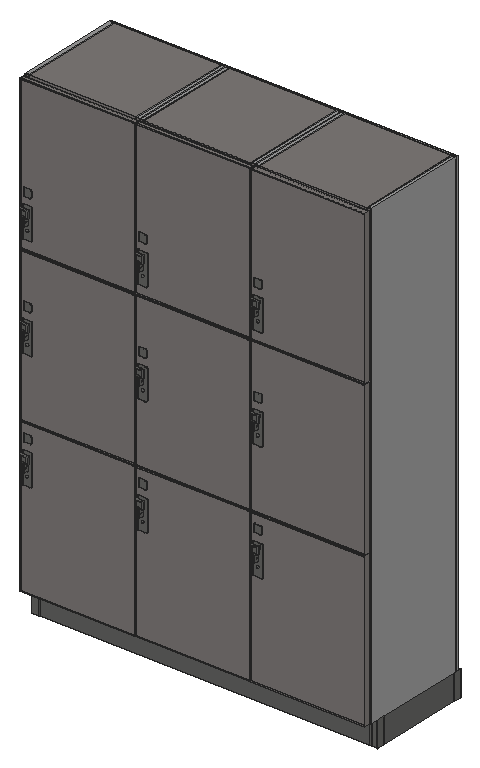
Revit family "Wood_Lockers_Hasps-Salsbury_Industries-18_43000_Series-3_Wide_Units.rfa", category Specialty Equipment, Revit 2016 (continued)
Definition of nested family "Wood Locker Sloping Corner Fillers"
  Automatic sketch dimensions
    Extrusion 6 sketch curve to Extrusion 6 sketch curve = 0.07981"
    plane 14 "Top" to Extrusion 6 sketch curve = 0.031"
    Extrusion 7 sketch curve to level = 0.000"
    plane 15 to Extrusion 7 sketch curve = 0.000"
    plane 5 "Right Side of Hood" to Extrusion 7 sketch curve = 0.000"
    Extrusion 7 sketch curve to plane 8 = 0.000"
    Extrusion 8 sketch curve to plane 10 "New Back of Hood" = 0.000"
    Extrusion 8 sketch curve to level = 0.000"
    Extrusion 8 sketch curve to plane 7 "Black Trim Line" = 1.80877"
    plane 14 "Top" to Extrusion 8 sketch curve = 0.74863"
Definition of nested family "Wood Locker Flat Corner Fillers"
  Parameters (values of type "44437 - for 15" D Lockers")
    Width = 16.875"
    Visible = yes
    Version = "1.0 (12/15/23)"
    Type Comments = "Flat Top Corner Filler for Premier Wood Lockers"
    Model = "44437"
    Manufacturer = "Salsbury Industries"
    Laminate Surface = none
    Height = 0.750"
    Description = "For 15\" D Lockers"
    Depth = 16.875"
  Types (6): name | Width | Visible | Version | Type Comments | Model | Manufacturer | Description | Depth
    (no name) | 16.875" | yes | "1.0 (12/15/23)" | "Flat Top Corner Filler for Premier Wood Lockers" | "44437" | "Salsbury Industries" | "For 15\" D Lockers" | 16.875"
    44437 - for 15" D Lockers | 16.875" | yes | "1.0 (12/15/23)" | "Flat Top Corner Filler for Premier Wood Lockers" | "44437" | "Salsbury Industries" | "For 15\" D Lockers" | 16.875"
    None | 15.000" | no | "" | "" | "" | "" | "" | 13.250"
    44438 - for 18" D Lockers | 19.875" | yes | "1.0 (12/15/23)" | "Flat Top Corner Filler for Premier Wood Lockers" | "44438" | "Salsbury Industries" | "For 18\" D Lockers" | 19.875"
    44431 - for 21" D Lockers | 22.875" | yes | "1.0 (12/15/23)" | "Flat Top Corner Filler for Premier Wood Lockers" | "44431" | "Salsbury Industries" | "For 21\" D Lockers" | 22.875"
    44439 - for 24" D Lockers | 25.875" | yes | "1.0 (12/15/23)" | "Flat Top Corner Filler for Premier Wood Lockers" | "44439" | "Salsbury Industries" | "For 24\" D Lockers" | 25.875"
  Reference planes (in)
    plane 1 "Center (Front/Back)": y = 0
    plane 2: z = 0
    plane 3 "Center (Left/Right)": x = 0
    plane 4 "Right Side": x = 8.4375
    plane 5 "Left Side": x = -8.4375
    plane 6 "Front Side": y = -8.4375
    plane 7 "Back Side": y = 8.4375
    plane 8 "Bottom": z = 0
    plane 9 "Top Side": z = 0.75
    plane 10 "Wood - Laminate Line": z = 0.719
    plane 11: x = -5.4375
    plane 12: y = -5.4375
  Forms (in)
    Extrusion 1, solid, visible <- "Visible"
      sketch origin (0, 0, 0) x (0, -1, 0) y (1, 0, 0)
        loop
          line (-8.4375, -8.4375) -> (5.4375, -8.4375) -> (5.4375, -5.4375) -> (8.4375, -5.4375) -> (8.4375, 8.4375) -> (-8.4375, 8.4375) -> (-8.4375, -8.4375)
      from 0 to 0.719
    Extrusion 2, solid, material <- "Laminate Surface", visible <- "Visible"
      sketch origin (0, 0, 0.75) x (1, 0, 0) y (0, 1, 0)
        loop
          line (-8.4375, -5.4375) -> (-5.4375, -5.4375) -> (-5.4375, -8.4375) -> (8.4375, -8.4375) -> (8.4375, 8.4375) -> (-8.4375, 8.4375) -> (-8.4375, -5.4375)
      from -0.031 to 0
  Dimensions and locks (in)
    equal spacing: plane 6 "Front Side", plane 1 "Center (Front/Back)", plane 7 "Back Side"
    equal spacing: plane 5 "Left Side", plane 3 "Center (Left/Right)", plane 4 "Right Side"
    "Width": plane 5 "Left Side" to plane 4 "Right Side"
    "Depth": plane 6 "Front Side" to plane 7 "Back Side"
    "Height": plane 9 "Top Side" to plane 8 "Bottom"
    locked: plane 9 "Top Side" to plane 10 "Wood - Laminate Line" at 0.031
    locked: plane 6 "Front Side" to plane 12 at 3
    locked: plane 5 "Left Side" to plane 11 at 3
    plane 12 to plane 7 "Back Side" = 13.875"
    aligned and locked: level to plane 2
  Automatic sketch dimensions
    Extrusion 2 sketch curve to plane 5 "Left Side" = 0.000"
    plane 6 "Front Side" to Extrusion 2 sketch curve = 0.000"
    Extrusion 2 sketch curve to plane 11 = 0.000"
    Extrusion 2 sketch curve to plane 4 "Right Side" = 0.000"
    Extrusion 2 sketch curve to plane 12 = 0.000"
    plane 7 "Back Side" to Extrusion 2 sketch curve = 0.000"
    Extrusion 1 sketch curve to plane 5 "Left Side" = 0.000"
    plane 7 "Back Side" to Extrusion 1 sketch curve = 0.000"
    Extrusion 1 sketch curve to plane 12 = 0.000"
    Extrusion 1 sketch curve to plane 4 "Right Side" = 0.000"
    plane 6 "Front Side" to Extrusion 1 sketch curve = 0.000"
    Extrusion 1 sketch curve to plane 11 = 0.000"
Definition of nested family "Wood Locker Side Panels-No Slope"
  Parameters (values of type "44237 - 6' H for 24"D Lockers")
    Width = 23.625"
    Visible = yes
    Version = "1.0 (12/15/23)"
    Type Comments = "Side Panel for Premier Wood Lockers without Sloping Hood"
    Model = "44237"
    Manufacturer = "Salsbury Industries"
    Laminate Surface = none
    Height = 72.000"
    Door Trim = none
    Description = "6' H for 21\" D Lockers"
    Depth = 0.750"
  Types (6): name | Width | Visible | Version | Type Comments | Model | Manufacturer | Description
    (no name) | 23.625" | yes | "1.0 (12/15/23)" | "Side Panel for Premier Wood Lockers without Sloping Hood" | "44237" | "Salsbury Industries" | "6' H for 21\" D Lockers"
    44330 - 6' H for 15"D Lockers | 14.625" | yes | "1.0 (12/15/23)" | "Side Panel for Premier Wood Lockers without Sloping Hood" | "44330" | "Salsbury Industries" | "6' H for 15\" D Lockers"
    44333 - 6' H for 18" D Lockers | 17.625" | yes | "1.0 (12/15/23)" | "Side Panel for Premier Wood Lockers withouth Sloping Hood" | "44333" | "Salsbury Industries" | "6' H for 18\" D Lockers"
    44335 - 6' H for 21" D Lockers | 20.625" | yes | "1.0 (12/15/23)" | "Side Panel for Premier Wood Lockers without Sloping Hood" | "44335" | "Salsbury Industries" | "6' H for 21\" D Lockers"
    None | 14.000" | no | "" | "" | "" | "" | ""
    44237 - 6' H for 24"D Lockers | 23.625" | yes | "1.0 (12/15/23)" | "Side Panel for Premier Wood Lockers without Sloping Hood" | "44237" | "Salsbury Industries" | "6' H for 21\" D Lockers"
  Reference planes (in)
    plane 1 "Center (Front/Back)": y = 0
    plane 2: z = 0
    plane 3 "Center (Left/Right)": x = 0
    plane 4 "Back": y = 0.375
    plane 5 "Front": y = -0.375
    plane 6 "Left Side": x = -11.8125
    plane 7 "Right Side": x = 11.8125
    plane 8 "Bottom": z = 0
    plane 9 "Top": z = 72
    plane 10 "Center Elevation": z = 36
    plane 11 "Wood - Laminate Edge": y = -0.344
    plane 12 "Right Side of Wood": x = 11.7815
    plane 13 "Left Side of Wood": x = -11.7815
    plane 14 "Top of Wood": z = 71.969
    plane 15 "Bottom of Wood": z = 0.031
  Forms (in)
    Extrusion 1, solid, visible <- "Visible"
      sketch origin (0, 0.375, 0) x (1, 0, 0) y (0, 0, 1)
        loop
          line (11.7815, 71.969) -> (-11.7815, 71.969) -> (-11.7815, 0.031) -> (11.7815, 0.031) -> (11.7815, 71.969)
      from 0 to 0.719
    Extrusion 2, solid, material <- "Laminate Surface", visible <- "Visible"
      sketch origin (0, -0.375, 0) x (1, 0, 0) y (0, 0, 1)
        loop
          line (-11.8125, 72) -> (-11.8125, 0) -> (11.8125, 0) -> (11.8125, 72) -> (-11.8125, 72)
      from -0.031 to 0
    Extrusion 3, solid, material <- "Laminate Surface", visible <- "Visible"
      sketch origin (0, 0, 0) x (1, 0, 0) y (0, 0, 1)
        loop
          line (-11.8125, 0) -> (11.8125, 0) -> (11.8125, 72) -> (-11.8125, 72) -> (-11.8125, 0)
        loop
          line (-11.7815, 0.031) -> (11.7815, 0.031) -> (11.7815, 71.969) -> (-11.7815, 71.969) -> (-11.7815, 0.031)
      from -0.375 to 0.344
  Dimensions and locks (in)
    equal spacing: plane 6 "Left Side", plane 3 "Center (Left/Right)", plane 7 "Right Side"
    plane 5 "Front" to plane 1 "Center (Front/Back)" to plane 4 "Back" = 0.375", 0.375"
    "Width": plane 6 "Left Side" to plane 7 "Right Side"
    "Depth": plane 5 "Front" to plane 4 "Back"
    equal spacing: plane 9 "Top", plane 10 "Center Elevation", plane 8 "Bottom"
    "Height": plane 9 "Top" to plane 8 "Bottom"
    locked: plane 5 "Front" to plane 11 "Wood - Laminate Edge" at 0.031
    locked: plane 15 "Bottom of Wood" to plane 8 "Bottom" at 0.031
    locked: plane 12 "Right Side of Wood" to plane 7 "Right Side" at 0.031
    locked: plane 6 "Left Side" to plane 13 "Left Side of Wood" at 0.031
    locked: plane 9 "Top" to plane 14 "Top of Wood" at 0.031
    aligned and locked: level to plane 2
    aligned and locked: Extrusion 2 sketch curve to plane 7 "Right Side"
    aligned and locked: plane 8 "Bottom" to Extrusion 2 sketch curve
    aligned and locked: plane 6 "Left Side" to Extrusion 2 sketch curve
    aligned and locked: plane 9 "Top" to Extrusion 2 sketch curve
    aligned and locked: Extrusion 3 to plane 4 "Back"
    aligned and locked: plane 11 "Wood - Laminate Edge" to Extrusion 3
  Automatic sketch dimensions
    plane 13 "Left Side of Wood" to Extrusion 1 sketch curve = 0.000"
    plane 12 "Right Side of Wood" to Extrusion 1 sketch curve = 0.000"
    Extrusion 1 sketch curve to plane 15 "Bottom of Wood" = 0.000"
    Extrusion 1 sketch curve to plane 14 "Top of Wood" = 0.000"
    plane 13 "Left Side of Wood" to Extrusion 3 sketch curve = 0.000"
    Extrusion 3 sketch curve to level = 0.000"
    plane 13 "Left Side of Wood" to Extrusion 3 sketch curve = 0.031"
    plane 12 "Right Side of Wood" to Extrusion 3 sketch curve = 0.000"
    plane 7 "Right Side" to Extrusion 3 sketch curve = 0.000"
    Extrusion 3 sketch curve to plane 15 "Bottom of Wood" = 0.000"
    Extrusion 3 sketch curve to plane 14 "Top of Wood" = 0.000"
    Extrusion 3 sketch curve to plane 9 "Top" = 0.000"
Definition of nested family "Wood Locker Side Panels-With Slope"
  Parameters (values of type "44238 - 6' H for 24" D Lockers")
    Width = 23.625"
    Visible = yes
    Version = "1.0 (12/15/23)"
    Type Comments = "Side Panel for Premier Wood Lockers with Sloping Hood"
    Slope Height = 8.608"
    Model = "44238"
    Manufacturer = "Salsbury Industries"
    Laminate Surface = none
    Height = 72.153"
    Door Trim = none
    Description = "6' H for 24\" D Lockers"
    Depth = 0.750"
  Types (6): name | Width | Visible | Version | Type Comments | Slope Height | Model | Manufacturer | Height | Description
    (no name) | 23.625" | yes | "1.0 (12/15/23)" | "Side Panel for Premier Wood Lockers with Sloping Hood" | 8.608" | "44238" | "Salsbury Industries" | 72.153" | "6' H for 24\" D Lockers"
    44334 - 6' H  for 18" D Lockers | 17.625" | yes | "1.0 (12/15/23)" | "Side Panel for Premier Wood Lockers with Sloping Hood" | 6.806" | "44334" | "Salsbury Industries" | 72.062" | "6' H for 18\" D Lockers"
    44336 - 6' H for 21" D Lockers | 20.625" | yes | "1.0 (12/15/23)" | "Side Panel for Premier Wood Lockers with Sloping Hood" | 7.931" | "44336" | "Salsbury Industries" | 72.062" | "6' H for 21\" D Lockers"
    None | 14.625" | no | "" | "" | 5.681" | "" | "" | 72.062" | ""
    44339 - 6' H for 15" D Lockers | 14.625" | yes | "1.0 (12/15/23)" | "Side Panel for Premier Wood Lockers with Sloping Hood" | 5.681" | "44339" | "Salsbury Industries" | 72.062" | "6' H for 15\" D Lockers"
    44238 - 6' H for 24" D Lockers | 23.625" | yes | "1.0 (12/15/23)" | "Side Panel for Premier Wood Lockers with Sloping Hood" | 8.608" | "44238" | "Salsbury Industries" | 72.153" | "6' H for 24\" D Lockers"
  Reference planes (in)
    plane 1 "Center (Front/Back)": y = 0
    plane 2: z = 0
    plane 3 "Center (Left/Right)": x = 0
    plane 4 "Back": y = 0.375
    plane 5 "Front": y = -0.375
    plane 6 "Left Side": x = -11.8125
    plane 7 "Right Side": x = 11.8125
    plane 8 "Bottom": z = 0
    plane 9 "Top": z = 72.153
    plane 10 "Center Elevation": z = 36.0765
    plane 11 "Wood - Laminate Edge": y = -0.344
    plane 12 "Right Side of Wood": x = 11.7815
    plane 13 "Left Side of Wood": x = -11.7815
    plane 14 "Top of Wood": z = 72.028
    plane 15 "Bottom of Wood": z = 0.031
    plane 16: z = 80.761
    plane 17: z = 80.636
  Forms (in)
    Extrusion 1, solid, visible <- "Visible"
      sketch origin (0, 0.375, 0) x (1, 0, 0) y (0, 0, 1)
        loop
          line (-11.8125, 80.73) -> (-11.8125, 0) -> (11.7815, 0) -> (11.7815, 72.13387) -> (-11.8125, 80.73)
      from 0 to 0.719
    Extrusion 2, solid, material <- "Laminate Surface", visible <- "Visible"
      sketch origin (0, -0.375, 0) x (1, 0, 0) y (0, 0, 1)
        loop
          line (-11.8125, 0) -> (11.8125, 0) -> (11.8125, 72.153) -> (-11.8125, 80.761) -> (-11.8125, 0)
      from -0.031 to 0
    Extrusion 3, solid, material <- "Laminate Surface", visible <- "Visible"
      sketch origin (0, -0.375, 0) x (1, 0, 0) y (0, 0, 1)
        loop
          line (11.8125, 0) -> (11.8125, 72.153) -> (-11.8125, 80.761) -> (-11.8125, 80.73) -> (11.7815, 72.13387) -> (11.7815, 0) -> (11.8125, 0)
      from -0.031 to -0.75
  Dimensions and locks (in)
    equal spacing: plane 6 "Left Side", plane 3 "Center (Left/Right)", plane 7 "Right Side"
    plane 5 "Front" to plane 1 "Center (Front/Back)" to plane 4 "Back" = 0.375", 0.375"
    "Width": plane 6 "Left Side" to plane 7 "Right Side"
    "Depth": plane 5 "Front" to plane 4 "Back"
    equal spacing: plane 9 "Top", plane 10 "Center Elevation", plane 8 "Bottom"
    "Height": plane 9 "Top" to plane 8 "Bottom"
    locked: plane 5 "Front" to plane 11 "Wood - Laminate Edge" at 0.031
    locked: plane 15 "Bottom of Wood" to plane 8 "Bottom" at 0.031
    locked: plane 12 "Right Side of Wood" to plane 7 "Right Side" at 0.031
    locked: plane 6 "Left Side" to plane 13 "Left Side of Wood" at 0.031
    locked: plane 9 "Top" to plane 14 "Top of Wood" at 0.125
    "Slope Height": plane 16 to plane 9 "Top"
    locked: plane 16 to plane 17 at 0.125
    aligned and locked: level to plane 2
    aligned and locked: Extrusion 3 to plane 4 "Back"
    aligned and locked: plane 11 "Wood - Laminate Edge" to Extrusion 3
  Automatic sketch dimensions
    plane 6 "Left Side" to Extrusion 2 sketch curve = 0.000"
    plane 7 "Right Side" to Extrusion 2 sketch curve = 0.000"
    Extrusion 2 sketch curve to level = 0.000"
    Extrusion 2 sketch curve to plane 9 "Top" = 0.000"
    Extrusion 2 sketch curve to plane 16 = 0.000"
    Extrusion 1 sketch curve to level = 0.000"
    plane 6 "Left Side" to Extrusion 1 sketch curve = 0.000"
    plane 12 "Right Side of Wood" to Extrusion 1 sketch curve = 0.000"
    plane 9 "Top" to Extrusion 1 sketch curve = 0.01913"
    plane 6 "Left Side" to Extrusion 3 sketch curve = 0.000"
    plane 12 "Right Side of Wood" to Extrusion 3 sketch curve = 0.000"
    plane 7 "Right Side" to Extrusion 3 sketch curve = 0.000"
    Extrusion 3 sketch curve to level = 0.000"
    Extrusion 3 sketch curve to plane 9 "Top" = 0.000"
    Extrusion 3 sketch curve to plane 16 = 0.000"
    plane 9 "Top" to Extrusion 3 sketch curve = 0.01913"
    plane 16 to Extrusion 3 sketch curve = 0.031"
    plane 16 to Extrusion 1 sketch curve = 0.031"
Definition of nested family "Wood Locker Double Side Panels-No Slope"
  Parameters (values of type "44237DE - 6' H for 24"D Lockers")
    Width = 47.250"
    Visible = yes
    Version = "1.0 (12/15/23)"
    Type Comments = "Double End Panel for Premier Wood Lockers"
    Model = "44237DE"
    Manufacturer = "Salsbury Industries"
    Laminate Surface = none
    Height = 72.000"
    Door Trim = none
    Description = "For 6' H x 21\" D without Sloping Hood"
    Depth = 0.750"
  Types (6): name | Width | Visible | Version | Type Comments | Model | Manufacturer | Description
    (no name) | 47.250" | yes | "1.0 (12/15/23)" | "Double End Panel for Premier Wood Lockers" | "44237DE" | "Salsbury Industries" | "For 6' H x 21\" D without Sloping Hood"
    44330DE - 6' H for 15"D Lockers | 29.250" | yes | "1.0 (12/15/23)" | "Double End Panel for Premier Wood Lockers" | "44330DE" | "Salsbury Industries" | "For 6' H x 15\" D without Sloping Hood"
    44333DE - 6' H for 18" D Lockers | 35.250" | yes | "1.0 (12/15/23)" | "Double End Panel for Premier Wood Lockers" | "44333DE" | "Salsbury Industries" | "For 6' H x 18\" D without Sloping Hood"
    44335DE - 6' H for 21" D Lockers | 41.250" | yes | "1.0 (12/15/23)" | "Double End Panel for Premier Wood Lockers" | "44335DE" | "Salsbury Industries" | "For 6' H x 21\" D without Sloping Hood"
    None | 14.000" | no | "" | "" | "" | "" | ""
    44237DE - 6' H for 24"D Lockers | 47.250" | yes | "1.0 (12/15/23)" | "Double End Panel for Premier Wood Lockers" | "44237DE" | "Salsbury Industries" | "For 6' H x 21\" D without Sloping Hood"
  Reference planes (in)
    plane 1 "Center (Front/Back)": y = 0
    plane 2: z = 0
    plane 3 "Center (Left/Right)": x = 0
    plane 4 "Back": y = 0.375
    plane 5 "Front": y = -0.375
    plane 6 "Left Side": x = -23.625
    plane 7 "Right Side": x = 23.625
    plane 8 "Bottom": z = 0
    plane 9 "Top": z = 72
    plane 10 "Center Elevation": z = 36
    plane 11 "Wood - Laminate Edge": y = -0.344
    plane 12 "Right Side of Wood": x = 23.594
    plane 13 "Left Side of Wood": x = -23.594
    plane 14 "Top of Wood": z = 71.969
    plane 15 "Bottom of Wood": z = 0.031
  Forms (in)
    Extrusion 1, solid, visible <- "Visible"
      sketch origin (0, 0.375, 0) x (1, 0, 0) y (0, 0, 1)
        loop
          line (23.594, 71.969) -> (-23.594, 71.969) -> (-23.594, 0.031) -> (23.594, 0.031) -> (23.594, 71.969)
      from 0 to 0.719
    Extrusion 2, solid, material <- "Laminate Surface", visible <- "Visible"
      sketch origin (0, -0.375, 0) x (1, 0, 0) y (0, 0, 1)
        loop
          line (-23.625, 72) -> (-23.625, 0) -> (23.625, 0) -> (23.625, 72) -> (-23.625, 72)
      from -0.031 to 0
    Extrusion 3, solid, material <- "Laminate Surface", visible <- "Visible"
      sketch origin (0, 0, 0) x (1, 0, 0) y (0, 0, 1)
        loop
          line (-23.625, 0) -> (23.625, 0) -> (23.625, 72) -> (-23.625, 72) -> (-23.625, 0)
        loop
          line (23.594, 71.969) -> (-23.594, 71.969) -> (-23.594, 0.031) -> (23.594, 0.031) -> (23.594, 71.969)
      from -0.375 to 0.344
  Dimensions and locks (in)
    equal spacing: plane 6 "Left Side", plane 3 "Center (Left/Right)", plane 7 "Right Side"
    plane 5 "Front" to plane 1 "Center (Front/Back)" to plane 4 "Back" = 0.375", 0.375"
    "Width": plane 6 "Left Side" to plane 7 "Right Side"
    "Depth": plane 5 "Front" to plane 4 "Back"
    equal spacing: plane 9 "Top", plane 10 "Center Elevation", plane 8 "Bottom"
    "Height": plane 9 "Top" to plane 8 "Bottom"
    locked: plane 5 "Front" to plane 11 "Wood - Laminate Edge" at 0.031
    locked: plane 15 "Bottom of Wood" to plane 8 "Bottom" at 0.031
    plane 12 "Right Side of Wood" to plane 7 "Right Side" = 0.031"
    locked: plane 6 "Left Side" to plane 13 "Left Side of Wood" at 0.031
    locked: plane 9 "Top" to plane 14 "Top of Wood" at 0.031
    aligned and locked: level to plane 2
    aligned and locked: Extrusion 2 sketch curve to plane 8 "Bottom"
    aligned and locked: plane 6 "Left Side" to Extrusion 2 sketch curve
    aligned and locked: Extrusion 2 sketch curve to plane 7 "Right Side"
    aligned and locked: Extrusion 2 sketch curve to plane 9 "Top"
    aligned and locked: Extrusion 3 to plane 4 "Back"
    aligned and locked: plane 11 "Wood - Laminate Edge" to Extrusion 3
  Automatic sketch dimensions
    plane 13 "Left Side of Wood" to Extrusion 1 sketch curve = 0.000"
    plane 12 "Right Side of Wood" to Extrusion 1 sketch curve = 0.000"
    Extrusion 1 sketch curve to plane 15 "Bottom of Wood" = 0.000"
    Extrusion 1 sketch curve to plane 14 "Top of Wood" = 0.000"
    Extrusion 3 sketch curve to level = 0.000"
    plane 6 "Left Side" to Extrusion 3 sketch curve = 0.000"
    plane 7 "Right Side" to Extrusion 3 sketch curve = 0.000"
    Extrusion 3 sketch curve to plane 9 "Top" = 0.000"
    plane 13 "Left Side of Wood" to Extrusion 3 sketch curve = 0.000"
    Extrusion 3 sketch curve to plane 15 "Bottom of Wood" = 0.000"
    Extrusion 3 sketch curve to plane 14 "Top of Wood" = 0.000"
    plane 12 "Right Side of Wood" to Extrusion 3 sketch curve = 0.000"
Definition of nested family "Wood Locker Double Side Panels-With Slope"
  Parameters (values of type "44238DE - 6' H for 24"D Lockers")
    Width = 47.250"
    Visible = yes
    Version = "1.0 (12/15/23)"
    Type Comments = "Double End Panel for Premier Wood Lockers"
    Slope Height = 8.895"
    Model = "442386DE"
    Manufacturer = "Salsbury Industries"
    Laminate Surface = none
    Height = 72.153"
    Door Trim = none
    Description = "For 6' H x 21\" D Lockers with Sloping Hood"
    Depth = 0.750"
  Types (6): name | Width | Visible | Version | Type Comments | Slope Height | Model | Manufacturer | Height | Description
    (no name) | 47.250" | yes | "1.0 (12/15/23)" | "Double End Panel for Premier Wood Lockers" | 8.895" | "442386DE" | "Salsbury Industries" | 72.153" | "For 6' H x 21\" D Lockers with Sloping Hood"
    44339DE - 6' H for 15"D Lockers | 29.250" | yes | "1.0 (12/15/23)" | "Double End Panel for Premier Wood Lockers" | 5.681" | "44339DE" | "Salsbury Industries" | 72.062" | "For 6' H x 15\" D Lockers with Sloping Hood"
    44334DE - 6' H  for 18" D Lockers | 35.250" | yes | "1.0 (12/15/23)" | "Double End Panel for Premier Wood Lockers" | 6.806" | "44334DE" | "Salsbury Industries" | 72.062" | "For 6' H x 18\" D Lockers with Sloping Hood"
    44336DE - 6' H for 21" D Lockers | 41.250" | yes | "1.0 (12/15/23)" | "Double End Panel for Premier Wood Lockers" | 7.931" | "44336DE" | "Salsbury Industries" | 72.062" | "For 6' H x 21\" D Lockers with Sloping Hood"
    None | 14.000" | no | "" | "" | 5.500" | "" | "" | 72.000" | ""
    44238DE - 6' H for 24"D Lockers | 47.250" | yes | "1.0 (12/15/23)" | "Double End Panel for Premier Wood Lockers" | 8.895" | "442386DE" | "Salsbury Industries" | 72.153" | "For 6' H x 21\" D Lockers with Sloping Hood"
  Reference planes (in)
    plane 1 "Center (Front/Back)": y = 0
    plane 2: z = 0
    plane 3 "Center (Left/Right)": x = 0
    plane 4 "Back": y = 0.375
    plane 5 "Front": y = -0.375
    plane 6 "Left Side": x = -23.625
    plane 7 "Right Side": x = 23.625
    plane 8 "Bottom": z = 0
    plane 9 "Top": z = 72.153
    plane 10 "Center Elevation": z = 36.0765
    plane 11 "Wood - Laminate Edge": y = -0.344
    plane 12 "Right Side of Wood": x = 23.594
    plane 13 "Left Side of Wood": x = -23.594
    plane 14 "Top of Wood": z = 72.028
    plane 15 "Bottom of Wood": z = 0.125
    plane 16: z = 81.048
    plane 17: z = 81.017
  Forms (in)
    Extrusion 1, solid, visible <- "Visible"
      sketch origin (0, 0.375, 0) x (1, 0, 0) y (0, 0, 1)
        loop
          line (23.594, 72.122) -> (0, 81.017) -> (-23.594, 72.122) -> (-23.594, 0) -> (23.594, 0) -> (23.594, 72.122)
      from 0 to 0.719
    Extrusion 2, solid, material <- "Laminate Surface", visible <- "Visible"
      sketch origin (0, -0.375, 0) x (1, 0, 0) y (0, 0, 1)
        loop
          line (23.625, 0) -> (23.625, 72.153) -> (0, 81.048) -> (-23.625, 72.153) -> (-23.625, 0) -> (23.625, 0)
      from -0.031 to 0
    Extrusion 3, solid, material <- "Laminate Surface", visible <- "Visible"
      sketch origin (0, 0.375, 0) x (1, 0, 0) y (0, 0, 1)
        loop
          line (23.625, 0) -> (23.625, 72.153) -> (0, 81.048) -> (-23.625, 72.153) -> (-23.625, 0) -> (-23.594, 0) -> (-23.594, 72.122) -> (0, 81.017) -> (23.594, 72.122) -> (23.594, 0) -> (23.625, 0)
      from 0 to 0.719
  Dimensions and locks (in)
    equal spacing: plane 6 "Left Side", plane 3 "Center (Left/Right)", plane 7 "Right Side"
    plane 5 "Front" to plane 1 "Center (Front/Back)" to plane 4 "Back" = 0.375", 0.375"
    "Width": plane 6 "Left Side" to plane 7 "Right Side"
    "Depth": plane 5 "Front" to plane 4 "Back"
    equal spacing: plane 9 "Top", plane 10 "Center Elevation", plane 8 "Bottom"
    "Height": plane 9 "Top" to plane 8 "Bottom"
    locked: plane 5 "Front" to plane 11 "Wood - Laminate Edge" at 0.031
    locked: plane 15 "Bottom of Wood" to plane 8 "Bottom" at 0.125
    locked: plane 12 "Right Side of Wood" to plane 7 "Right Side" at 0.031
    locked: plane 6 "Left Side" to plane 13 "Left Side of Wood" at 0.031
    locked: plane 9 "Top" to plane 14 "Top of Wood" at 0.125
    "Slope Height": plane 16 to plane 9 "Top"
    locked: plane 16 to plane 17 at 0.031
    aligned and locked: level to plane 2
    aligned and locked: Extrusion 3 to plane 4 "Back"
    aligned and locked: plane 11 "Wood - Laminate Edge" to Extrusion 3
  Automatic sketch dimensions
    plane 6 "Left Side" to Extrusion 2 sketch curve = 0.000"
    Extrusion 2 sketch curve to plane 3 "Center (Left/Right)" = 0.000"
    plane 7 "Right Side" to Extrusion 2 sketch curve = 0.000"
    Extrusion 2 sketch curve to level = 0.000"
    Extrusion 2 sketch curve to plane 9 "Top" = 0.000"  (x2)
    Extrusion 2 sketch curve to plane 16 = 0.000"
    Extrusion 1 sketch curve to level = 0.000"
    plane 13 "Left Side of Wood" to Extrusion 1 sketch curve = 0.000"
    Extrusion 1 sketch curve to plane 3 "Center (Left/Right)" = 0.000"
    plane 12 "Right Side of Wood" to Extrusion 1 sketch curve = 0.000"
    Extrusion 1 sketch curve to plane 17 = 0.000"
    plane 9 "Top" to Extrusion 1 sketch curve = 0.031"  (x2)
    Extrusion 3 sketch curve to level = 0.000"  (x2)
    plane 6 "Left Side" to Extrusion 3 sketch curve = 0.000"
    plane 13 "Left Side of Wood" to Extrusion 3 sketch curve = 0.000"
    Extrusion 3 sketch curve to plane 3 "Center (Left/Right)" = 0.000"  (x2)
    plane 12 "Right Side of Wood" to Extrusion 3 sketch curve = 0.000"
    plane 7 "Right Side" to Extrusion 3 sketch curve = 0.000"
    Extrusion 3 sketch curve to plane 9 "Top" = 0.000"  (x2)
    plane 9 "Top" to Extrusion 3 sketch curve = 0.031"  (x2)
    Extrusion 3 sketch curve to plane 17 = 0.000"
    Extrusion 3 sketch curve to plane 16 = 0.000"
Definition of nested family "Wood Locker Front Fillers"
  Parameters (values of type "44469 - 9" W for 6' H Lockers without Base")
    Width = 9.000"
    Visible Base = no
    Visible = yes
    Version = "1.0 (1/31/24)"
    Type Comments = "Front Vertical Filler for Premier Wood Lockers"
    Model = "44469"
    Manufacturer = "Salsbury Industries"
    Laminate Surface = none
    Height = 72.000"
    Description = "For 6' H Lockers"
    Depth = 0.750"
    Base Height = 0.000"
  Types (6): name | Width | Visible Base | Visible | Version | Type Comments | Model | Manufacturer | Description | Base Height
    (no name) | 9.000" | no | yes | "1.0 (1/31/24)" | "Front Vertical Filler for Premier Wood Lockers" | "44469" | "Salsbury Industries" | "For 6' H Lockers" | 0.000"
    44467 - 15"W for 6' H Lockers with Base | 15.000" | yes | yes | "1.0 (01/31/24)" | "Front Vertical Filler for Premier Wood Lockers" | "444367" | "Salsbury Industries" | "For 6' H Lockers" | 4.000"
    None | 15.000" | no | no | "" | "" | "" | "" | "" | 4.000"
    44469 - 9" W for 6' H Lockers with Base | 9.000" | yes | yes | "1.0 (01/31/24)" | "Front Vertical Filler for Premier Wood Lockers" | "44469" | "Salsbury Industries" | "For 6' H Lockers" | 4.000"
    44467 - 15" W for 6'H Lockers without Base | 15.000" | no | yes | "1.0 (01/31/24)" | "Front Vertical Filler for Premier Wood Lockers" | "44467" | "Salsbury Industries" | "For 6' H Lockers" | 0.000"
    44469 - 9" W for 6' H Lockers without Base | 9.000" | no | yes | "1.0 (1/31/24)" | "Front Vertical Filler for Premier Wood Lockers" | "44469" | "Salsbury Industries" | "For 6' H Lockers" | 0.000"
  Reference planes (in)
    plane 1 "Center (Front/Back)": y = 0
    plane 2: z = 0
    plane 3 "Center (Left/Right)": x = 0
    plane 4 "Back": y = 0.375
    plane 5 "Front": y = -0.375
    plane 6 "Left Side": x = -4.5
    plane 7 "Right Side": x = 4.5
    plane 8 "Bottom": z = 0
    plane 9 "Top": z = 72
    plane 10 "Center Elevation": z = 36
    plane 11 "Wood - Laminate Edge": y = -0.344
    plane 12 "Right Side of Wood": x = 4.375
    plane 13 "Left Side of Wood": x = -4.375
    plane 14 "Top of Wood": z = 71.875
    plane 15 "Bottom of Wood": z = 0.125
    plane 16 "Front of Base Filler": y = 1
  Forms (in)
    Extrusion 1, solid, visible <- "Visible"
      sketch origin (0, 0.375, 0) x (1, 0, 0) y (0, 0, 1)
        loop
          line (4.5, 72) -> (-4.5, 72) -> (-4.5, 0) -> (4.5, 0) -> (4.5, 72)
      from 0 to 0.719
    Extrusion 2, solid, material <- "Laminate Surface", visible <- "Visible"
      sketch origin (0, -0.375, 0) x (1, 0, 0) y (0, 0, 1)
        loop
          line (-4.5, 72) -> (-4.5, 0) -> (4.5, 0) -> (4.5, 72) -> (-4.5, 72)
      from -0.031 to 0
    Extrusion 3, solid, visible <- "Visible Base"
      sketch origin (0, 0, 0) x (1, 0, 0) y (0, 1, 0)
        loop
          line (-4.5, 1.75) -> (-4.5, 0.375) -> (4.5, 0.375) -> (4.5, 1.75) -> (-4.5, 1.75)
      from 0 to 0.75
    Extrusion 4, solid, visible <- "Visible Base"
      sketch origin (0, 0, 0) x (1, 0, 0) y (0, 1, 0)
        loop
          line (-4.5, 1.75) -> (-4.5, 1) -> (4.5, 1) -> (4.5, 1.75) -> (-4.5, 1.75)
      from 0 to -4
  Dimensions and locks (in)
    equal spacing: plane 6 "Left Side", plane 3 "Center (Left/Right)", plane 7 "Right Side"
    plane 5 "Front" to plane 1 "Center (Front/Back)" to plane 4 "Back" = 0.375", 0.375"
    "Width": plane 6 "Left Side" to plane 7 "Right Side"
    "Depth": plane 5 "Front" to plane 4 "Back"
    equal spacing: plane 9 "Top", plane 10 "Center Elevation", plane 8 "Bottom"
    locked: plane 5 "Front" to plane 11 "Wood - Laminate Edge" at 0.031
    locked: plane 15 "Bottom of Wood" to plane 8 "Bottom" at 0.125
    locked: plane 12 "Right Side of Wood" to plane 7 "Right Side" at 0.125
    locked: plane 6 "Left Side" to plane 13 "Left Side of Wood" at 0.125
    locked: plane 9 "Top" to plane 14 "Top of Wood" at 0.125
    locked: plane 5 "Front" to plane 16 "Front of Base Filler" at 1.375
    "Base Height": plane 8 "Bottom" to plane 2
    "Height": plane 9 "Top" to plane 8 "Bottom"
    aligned and locked: level to plane 2
    aligned and locked: plane 8 "Bottom" to Extrusion 1
  Automatic sketch dimensions
    plane 6 "Left Side" to Extrusion 1 sketch curve = 0.000"
    plane 7 "Right Side" to Extrusion 1 sketch curve = 0.000"
    level to Extrusion 1 sketch curve = 0.000"
    Extrusion 1 sketch curve to plane 9 "Top" = 0.000"
    plane 6 "Left Side" to Extrusion 2 sketch curve = 0.000"
    plane 7 "Right Side" to Extrusion 2 sketch curve = 0.000"
    plane 15 "Bottom of Wood" to Extrusion 2 sketch curve = 0.125"
    Extrusion 2 sketch curve to plane 9 "Top" = 0.000"
    plane 4 "Back" to Extrusion 3 sketch curve = 0.000"
    Extrusion 3 sketch curve to plane 6 "Left Side" = 0.000"
    Extrusion 3 sketch curve to plane 7 "Right Side" = 0.000"
    Extrusion 3 sketch curve to plane 16 "Front of Base Filler" = 0.750"
    Extrusion 4 sketch curve to plane 6 "Left Side" = 0.000"
    Extrusion 4 sketch curve to plane 7 "Right Side" = 0.000"
    plane 16 "Front of Base Filler" to Extrusion 4 sketch curve = 0.000"
    Extrusion 4 sketch curve to plane 16 "Front of Base Filler" = 0.750"
Definition of nested family "Wood Locker Front Corner Filler"
  Parameters (values of type "44464 - for 6' H Lockers with Base")
    Width = 2.250"
    Visible Base = yes
    Visible = yes
    Version = "1.0 (12/15/23)"
    Type Comments = "Front Vertical Corner Filler for Designer Wood Lockers"
    Primary Structure Materials = none
    Model = "44464"
    Manufacturer = "Salsbury Industries"
    Laminate Surface = none
    Height = 72.000"
    Description = "For 6' H Lockers"
    Depth = 0.750"
    Base Primary Materials = none
    Base Height = 4.000"
  Types (3): name | Visible Base | Visible | Version | Type Comments | Model | Manufacturer | Description | Base Height
    None | no | no | "" | "" | "" | "" | "" | 4.000"
    44464 - for 6'H Lockers without Base | no | yes | "1.0 (12/15/23)" | "Front Vertical Corner Filler for Designer Wood Lockers" | "44464" | "Salsbury Industries" | "For 6' H Lockers" | 0.000"
    44464 - for 6' H Lockers with Base | yes | yes | "1.0 (12/15/23)" | "Front Vertical Corner Filler for Designer Wood Lockers" | "44464" | "Salsbury Industries" | "For 6' H Lockers" | 4.000"
  Reference planes (in)
    plane 1 "Center (Front/Back)": y = 0
    plane 2 "Bottom of Base": z = 0
    plane 3 "Center (Left/Right)": x = 0
    plane 4 "Back": y = 0.375
    plane 5 "Front": y = -0.375
    plane 6 "Left Side": x = -1.125
    plane 7 "Right Side": x = 1.125
    plane 8 "Bottom": z = 4
    plane 9 "Top": z = 76
    plane 10 "Center Elevation": z = 40
    plane 11 "Wood - Laminate Edge": y = -0.344
    plane 12 "Right Side of Wood": x = 1
    plane 13 "Left Side of Wood": x = -1
    plane 14 "Top of Wood": z = 75.875
    plane 15 "Bottom of Wood": z = 4.125
    plane 16 "Front of Base Filler": y = 1
  Forms (in)
    Extrusion 1, solid, material <- "Primary Structure Materials", visible <- "Visible"
      sketch origin (0, 0.375, 0) x (1, 0, 0) y (0, 0, 1)
        loop
          line (1.125, 76) -> (-1.156, 76) -> (-1.156, 4) -> (1.125, 4) -> (1.125, 76)
      from 0 to 0.719
    Extrusion 2, solid, material <- "Laminate Surface", visible <- "Visible"
      sketch origin (0, -0.375, 0) x (1, 0, 0) y (0, 0, 1)
        loop
          line (-1.125, 76) -> (-1.125, 4) -> (1.125, 4) -> (1.125, 76) -> (-1.125, 76)
      from -0.031 to 0
    Extrusion 3, solid, material <- "Primary Structure Materials", visible <- "Visible"
      sketch origin (-1.875, -1.5, 0) x (0, 1, 0) y (0, 0, 1)
        loop
          line (1.875, 76) -> (-1.125, 76) -> (-1.125, 4) -> (1.875, 4) -> (1.875, 76)
      from 0 to 0.719
    Extrusion 4, solid, material <- "Laminate Surface", visible <- "Visible"
      sketch origin (-1.125, -1.5, 0) x (0, 1, 0) y (0, 0, 1)
        loop
          line (-1.125, 76) -> (-1.125, 4) -> (1.156, 4) -> (1.156, 76) -> (-1.125, 76)
      from -0.031 to 0
    Extrusion 5, solid, material <- "Base Primary Materials", visible <- "Visible Base"
      sketch origin (0, 0, 0) x (1, 0, 0) y (0, 1, 0)
        loop
          line (-3.25, 1.75) -> (-3.25, -2.625) -> (-1.875, -2.625) -> (-1.875, 1.75) -> (-3.25, 1.75)
      from 4 to 4.75
    Extrusion 6, solid, material <- "Base Primary Materials", visible <- "Visible Base"
      sketch origin (0, 0, 0) x (1, 0, 0) y (0, 1, 0)
        loop
          line (-1.875, 1.75) -> (-1.875, 0.375) -> (1.125, 0.375) -> (1.125, 1.75) -> (-1.875, 1.75)
      from 4 to 4.75
    Extrusion 7, solid, material <- "Base Primary Materials", visible <- "Visible Base"
      sketch origin (0, 0, 0) x (1, 0, 0) y (0, 1, 0)
        loop
          line (1.125, 1.75) -> (-2.43407, 1.75) -> (-2.43407, 1) -> (1.125, 1) -> (1.125, 1.75)
      from 0 to 4
    Extrusion 8, solid, material <- "Base Primary Materials", visible <- "Visible Base"
      sketch origin (0, 0, 0) x (1, 0, 0) y (0, 1, 0)
        loop
          line (-3.25, 1.75) -> (-3.25, -2.625) -> (-2.43407, -2.625) -> (-2.43407, 1.75) -> (-3.25, 1.75)
      from 0 to 4
  Dimensions and locks (in)
    equal spacing: plane 6 "Left Side", plane 3 "Center (Left/Right)", plane 7 "Right Side"
    plane 5 "Front" to plane 1 "Center (Front/Back)" to plane 4 "Back" = 0.375", 0.375"
    "Width": plane 6 "Left Side" to plane 7 "Right Side"
    "Depth": plane 5 "Front" to plane 4 "Back"
    equal spacing: plane 9 "Top", plane 10 "Center Elevation", plane 8 "Bottom"
    "Height": plane 9 "Top" to plane 8 "Bottom"
    locked: plane 5 "Front" to plane 11 "Wood - Laminate Edge" at 0.031
    locked: plane 15 "Bottom of Wood" to plane 8 "Bottom" at 0.125
    locked: plane 12 "Right Side of Wood" to plane 7 "Right Side" at 0.125
    locked: plane 6 "Left Side" to plane 13 "Left Side of Wood" at 0.125
    locked: plane 9 "Top" to plane 14 "Top of Wood" at 0.125
    locked: plane 5 "Front" to plane 16 "Front of Base Filler" at 1.375
    "Base Height": plane 8 "Bottom" to plane 2 "Bottom of Base"
    aligned and locked: level to plane 2 "Bottom of Base"
    aligned and locked: plane 8 "Bottom" to Extrusion 1
    aligned and locked: Extrusion 7 to Extrusion 5
    aligned and locked: Extrusion 8 to Extrusion 5
    aligned and locked: Extrusion 7 to Extrusion 8
  Automatic sketch dimensions
    Extrusion 1 sketch curve to plane 9 "Top" = 0.000"
    Extrusion 1 sketch curve to plane 8 "Bottom" = 0.000"
    plane 7 "Right Side" to Extrusion 1 sketch curve = 0.000"
    plane 6 "Left Side" to Extrusion 1 sketch curve = 0.031"
    plane 6 "Left Side" to Extrusion 2 sketch curve = 0.000"
    plane 7 "Right Side" to Extrusion 2 sketch curve = 0.000"
    Extrusion 2 sketch curve to plane 8 "Bottom" = 0.000"
    Extrusion 2 sketch curve to plane 9 "Top" = 0.000"
    plane 9 "Top" to Extrusion 3 sketch curve = 0.000"
    plane 8 "Bottom" to Extrusion 3 sketch curve = 0.000"
    Extrusion 3 sketch curve to plane 4 "Back" = 0.000"
    plane 5 "Front" to Extrusion 3 sketch curve = 2.250"
    plane 8 "Bottom" to Extrusion 4 sketch curve = 0.000"
    plane 9 "Top" to Extrusion 4 sketch curve = 0.000"
    Extrusion 4 sketch curve to plane 11 "Wood - Laminate Edge" = 0.000"
    plane 5 "Front" to Extrusion 4 sketch curve = 2.250"
    plane 6 "Left Side" to Extrusion 5 sketch curve = 2.125"
    plane 6 "Left Side" to Extrusion 5 sketch curve = 0.750"
    plane 5 "Front" to Extrusion 5 sketch curve = 2.250"
    Extrusion 5 sketch curve to plane 16 "Front of Base Filler" = 0.750"
    plane 16 "Front of Base Filler" to Extrusion 7 sketch curve = 0.000"
    Extrusion 7 sketch curve to plane 7 "Right Side" = 0.000"
    plane 6 "Left Side" to Extrusion 7 sketch curve = 1.30907"
    Extrusion 7 sketch curve to plane 16 "Front of Base Filler" = 0.750"
    plane 6 "Left Side" to Extrusion 8 sketch curve = 2.125"
    Extrusion 8 sketch curve to Extrusion 8 sketch curve = 0.81593"
    plane 5 "Front" to Extrusion 8 sketch curve = 2.250"
    Extrusion 8 sketch curve to plane 16 "Front of Base Filler" = 0.750"
    plane 4 "Back" to Extrusion 6 sketch curve = 0.000"
    Extrusion 6 sketch curve to plane 7 "Right Side" = 0.000"
    plane 6 "Left Side" to Extrusion 6 sketch curve = 0.750"
    Extrusion 6 sketch curve to plane 16 "Front of Base Filler" = 0.750"
Definition of nested family "Wood Locker Sloping In-Line Fillers"
  Parameters (values of type "44489 - 15" W for 24" D Lockers")
    Width = 15.000"
    Visible = yes
    Version = "1.0 (12/15/23)"
    Type Comments = "Sloping Hood In-Line Filler for Premier Wood Lockers"
    Model = "44489"
    Manufacturer = "Salsbury Industries"
    Laminate Surface = none
    Height = 9.118"
    Description = "For 24\" D Lockers"
    Depth = 23.625"
  Types (10): name | Width | Visible | Version | Type Comments | Model | Manufacturer | Height | Description | Depth
    (no name) | 15.000" | yes | "1.0 (12/15/23)" | "Sloping Hood In-Line Filler for Premier Wood Lockers" | "44489" | "Salsbury Industries" | 9.118" | "For 24\" D Lockers" | 23.625"
    44487 - 15" W for 15" D Lockers | 15.000" | yes | "1.0 (12/15/23)" | "Sloping Hood In-Line Filler for Premier Wood Lockers" | "44487" | "Salsbury Industries" | 5.743" | "For 15\" D Lockers" | 14.625"
    44488 - 15" W for 18" D Lockers | 15.000" | yes | "1.0 (12/15/23)" | "Sloping Hood In-Line Filler for Premier Wood Lockers" | "44488" | "Salsbury Industries" | 6.868" | "For 18\" D Lockers" | 17.625"
    44481 - 15" W for 21" D Lockers | 15.000" | yes | "1.0 (12/15/23)" | "Sloping Hood In-Line Filler for Premier Wood Lockers" | "44481" | "Salsbury Industries" | 7.993" | "For 21\" D Lockers" | 20.625"
    None | 12.000" | no | "" | "" | "" | "" | 5.500" | "" | 14.000"
    44489 - 15" W for 24" D Lockers | 15.000" | yes | "1.0 (12/15/23)" | "Sloping Hood In-Line Filler for Premier Wood Lockers" | "44489" | "Salsbury Industries" | 9.118" | "For 24\" D Lockers" | 23.625"
    44488 - 9" W for 18" D Lockers | 9.000" | yes | "1.0 (12/15/23)" | "Sloping Hood In-Line Filler for Premier Wood Lockers" | "44488" | "Salsbury Industries" | 6.868" | "For 18\" D Lockers" | 17.625"
    44487 - 9" W for 15" D Lockers | 9.000" | yes | "1.0 (12/15/23)" | "Sloping Hood In-Line Filler for Premier Wood Lockers" | "44487" | "Salsbury Industries" | 5.743" | "For 15\" D Lockers" | 14.625"
    44481 - 9" W for 21" D Lockers | 9.000" | yes | "1.0 (12/15/23)" | "Sloping Hood In-Line Filler for Premier Wood Lockers" | "44481" | "Salsbury Industries" | 7.993" | "For 21\" D Lockers" | 20.625"
    44489 - 9" W for 24" D Lockers | 9.000" | yes | "1.0 (12/15/23)" | "Sloping Hood In-Line Filler for Premier Wood Lockers" | "44489" | "Salsbury Industries" | 9.118" | "For 24\" D Lockers" | 23.625"
  Reference planes (in)
    plane 1 "Center (Front/Back)": y = 0
    plane 2: z = 0
    plane 3 "Center (Left/Right)": x = 0
    plane 4 "Front of Hood": y = -11.8125
    plane 5 "Back of Hood": y = 11.8125
    plane 6 "Right Side of Hood": x = 7.5
    plane 7 "Left Side of Hood": x = -7.5
    plane 8 "Bottom of Hood": z = 0
    plane 9 "Top of Hood": z = 9.118
    plane 10: x = 6.75
    plane 11: x = -6.75
    plane 12: y = -11.7815
    plane 13: y = -11.0625
    plane 14: z = 9.087
    plane 15: z = 8.368
    plane 16: z = 0.062
    plane 17: z = 0.75
  Forms (in)
    Extrusion 1, solid, visible <- "Visible"
      sketch origin (0, 0, 0) x (0, 1, 0) y (0, 0, 1)
        loop
          line (-9.97273, 0) -> (11.8125, 8.368) -> (11.8125, 9.087) -> (-11.73269, 0.062) -> (-11.7815, 0.062) -> (-11.7815, 0) -> (-9.97273, 0)
      from -7.5 to 7.5
    Extrusion 2, solid, material <- "Laminate Surface", visible <- "Visible"
      sketch origin (0, 0, 0) x (0, 1, 0) y (0, 0, 1)
        loop
          line (-11.8125, 0.062) -> (-11.8125, 0) -> (-11.7815, 0) -> (-11.7815, 0.062) -> (-11.8125, 0.062)
      from -7.5 to 7.5
    Extrusion 3, solid, material <- "Laminate Surface", visible <- "Visible"
      sketch origin (0, 0, 0) x (0, 1, 0) y (0, 0, 1)
        loop
          line (11.8125, 9.118) -> (-11.8125, 0.062) -> (-11.73269, 0.062) -> (11.8125, 9.087) -> (11.8125, 9.118)
      from -7.5 to 7.5
  Dimensions and locks (in)
    equal spacing: plane 7 "Left Side of Hood", plane 3 "Center (Left/Right)", plane 6 "Right Side of Hood"
    "Width": plane 7 "Left Side of Hood" to plane 6 "Right Side of Hood"
    equal spacing: plane 4 "Front of Hood", plane 1 "Center (Front/Back)", plane 5 "Back of Hood"
    "Depth": plane 4 "Front of Hood" to plane 5 "Back of Hood"
    "Height": plane 9 "Top of Hood" to plane 8 "Bottom of Hood"
    plane 7 "Left Side of Hood" to plane 11 = 0.750"
    plane 10 to plane 6 "Right Side of Hood" = 0.750"
    plane 4 "Front of Hood" to plane 12 to plane 13 = 0.031" locked, 0.719" locked
    plane 15 to plane 14 to plane 9 "Top of Hood" = 0.719" locked, 0.031" locked
    locked: plane 16 to plane 8 "Bottom of Hood" at 0.062
    locked: plane 17 to plane 8 "Bottom of Hood" at 0.75
    aligned and locked: level to plane 2
    aligned and locked: Extrusion 1 to plane 6 "Right Side of Hood"
    aligned and locked: plane 7 "Left Side of Hood" to Extrusion 1
    aligned and locked: plane 7 "Left Side of Hood" to Extrusion 3
    aligned and locked: Extrusion 3 to plane 6 "Right Side of Hood"
    aligned and locked: Extrusion 2 to plane 6 "Right Side of Hood"
    aligned and locked: plane 7 "Left Side of Hood" to Extrusion 2
  Automatic sketch dimensions
    Extrusion 2 sketch curve to level = 0.000"
    Extrusion 2 sketch curve to plane 4 "Front of Hood" = 0.000"
    Extrusion 2 sketch curve to plane 12 = 0.000"
    plane 16 to Extrusion 2 sketch curve = 0.000"
    Extrusion 3 sketch curve to plane 4 "Front of Hood" = 0.000"
    plane 16 to Extrusion 3 sketch curve = 0.000"
    Extrusion 3 sketch curve to plane 5 "Back of Hood" = 0.000"
    plane 14 to Extrusion 3 sketch curve = 0.000"
    plane 9 "Top of Hood" to Extrusion 3 sketch curve = 0.000"
    Extrusion 3 sketch curve to plane 12 = 0.04881"
    Extrusion 1 sketch curve to level = 0.000"
    Extrusion 1 sketch curve to plane 12 = 0.000"
    plane 16 to Extrusion 1 sketch curve = 0.000"
    Extrusion 1 sketch curve to plane 5 "Back of Hood" = 0.000"
    plane 15 to Extrusion 1 sketch curve = 0.000"
    plane 14 to Extrusion 1 sketch curve = 0.000"
    Extrusion 1 sketch curve to plane 13 = 1.08977"
    Extrusion 1 sketch curve to plane 12 = 0.04881"
Definition of nested family "Wood Locker Flat In-Line Fillers"
  Parameters (values of type "44448 - 15" W for 18" D Lockers")
    Width = 15.000"
    Visible = yes
    Version = "1.0 (12/15/23)"
    Type Comments = "Flat Top In-Line Filler for Premier Wood Lockers"
    Model = "44448"
    Manufacturer = "Salsbury Industries"
    Laminate Surface = none
    Height = 0.750"
    Description = "For 18\" D Lockers"
    Depth = 16.875"
  Types (10): name | Width | Visible | Version | Type Comments | Model | Manufacturer | Description | Depth
    (no name) | 15.000" | yes | "1.0 (12/15/23)" | "Flat Top In-Line Filler for Premier Wood Lockers" | "44448" | "Salsbury Industries" | "For 18\" D Lockers" | 16.875"
    44447 - 15" W for 15" D Lockers | 15.000" | yes | "1.0 (12/15/23)" | "Flat Top In-Line Filler for Premier Wood Lockers" | "44447" | "Salsbury Industries" | "For 15\" D Lockers" | 13.875"
    44448 - 15" W for 18" D Lockers | 15.000" | yes | "1.0 (12/15/23)" | "Flat Top In-Line Filler for Premier Wood Lockers" | "44448" | "Salsbury Industries" | "For 18\" D Lockers" | 16.875"
    44441 - 15" W for 21" D Lockers | 15.000" | yes | "1.0 (12/15/23)" | "Flat Top In-Line Filler for Premier Wood Lockers" | "44441" | "Salsbury Industries" | "For 21\" D Lockers" | 19.875"
    None | 15.000" | no | "" | "" | "" | "" | "" | 13.250"
    44448 - 9" W for 18" D Lockers | 9.000" | yes | "1.0 (12/15/23)" | "Flat Top In-Line Filler for Premier Wood Lockers" | "44448" | "Salsbury Industries" | "For 18\" D Lockers" | 16.875"
    44447 - 9" W for 15" D Lockers | 9.000" | yes | "1.0 (12/15/23)" | "Flat Top In-Line Filler for Premier Wood Lockers" | "44447" | "Salsbury Industries" | "For 15\" D Lockers" | 13.875"
    44441 - 9" W for 21" D Lockers | 9.000" | yes | "1.0 (12/15/23)" | "Flat Top In-Line Filler for Premier Wood Lockers" | "44441" | "Salsbury Industries" | "For 21\" D Lockers" | 19.875"
    44449 - 15" W for 24" D Lockers | 15.000" | yes | "1.0 (12/15/23)" | "Flat Top In-Line Filler for Premier Wood Lockers" | "44449" | "Salsbury Industries" | "For 24\" D Lockers" | 22.875"
    44449 - 9" W for 24" D Lockers | 9.000" | yes | "1.0 (12/15/23)" | "Flat Top In-Line Filler for Premier Wood Lockers" | "44449" | "Salsbury Industries" | "For 24\" D Lockers" | 22.875"
  Reference planes (in)
    plane 1 "Center (Front/Back)": y = 0
    plane 2: z = 0
    plane 3 "Center (Left/Right)": x = 0
    plane 4 "Right Side": x = 7.5
    plane 5 "Left Side": x = -7.5
    plane 6 "Front Side": y = -8.4375
    plane 7 "Back Side": y = 8.4375
    plane 8 "Bottom": z = 0
    plane 9 "Top Side": z = 0.75
    plane 10 "Wood - Laminate Line": z = 0.719
  Forms (in)
    Extrusion 1, solid, visible <- "Visible"
      sketch origin (0, 0, 0) x (0, -1, 0) y (1, 0, 0)
        loop
          line (-8.4375, -7.5) -> (8.4375, -7.5) -> (8.4375, 7.5) -> (-8.4375, 7.5) -> (-8.4375, -7.5)
      from 0 to 0.719
    Extrusion 2, solid, material <- "Laminate Surface", visible <- "Visible"
      sketch origin (0, 0, 0.75) x (1, 0, 0) y (0, 1, 0)
        loop
          line (-7.5, -8.4375) -> (7.5, -8.4375) -> (7.5, 8.4375) -> (-7.5, 8.4375) -> (-7.5, -8.4375)
      from -0.031 to 0
  Dimensions and locks (in)
    equal spacing: plane 6 "Front Side", plane 1 "Center (Front/Back)", plane 7 "Back Side"
    equal spacing: plane 5 "Left Side", plane 3 "Center (Left/Right)", plane 4 "Right Side"
    "Width": plane 5 "Left Side" to plane 4 "Right Side"
    "Depth": plane 6 "Front Side" to plane 7 "Back Side"
    "Height": plane 9 "Top Side" to plane 8 "Bottom"
    locked: plane 9 "Top Side" to plane 10 "Wood - Laminate Line" at 0.031
    aligned and locked: level to plane 2
  Automatic sketch dimensions
    Extrusion 1 sketch curve to plane 4 "Right Side" = 0.000"
    plane 7 "Back Side" to Extrusion 1 sketch curve = 0.000"
    Extrusion 1 sketch curve to plane 5 "Left Side" = 0.000"
    plane 6 "Front Side" to Extrusion 1 sketch curve = 0.000"
    Extrusion 2 sketch curve to plane 5 "Left Side" = 0.000"
    plane 4 "Right Side" to Extrusion 2 sketch curve = 0.000"
    plane 6 "Front Side" to Extrusion 2 sketch curve = 0.000"
    Extrusion 2 sketch curve to plane 7 "Back Side" = 0.000"
Definition of nested family "Wood Locker Fascia Fillers"
  Parameters (values of type "44462 - for 3-Wide Units")
    Width = 36.000"
    Visible = yes
    Type Comments = "Front Fascia Filler for Premier Wood Lockers"
    Model = "44462"
    Manufacturer = "Salsbury Industries"
    Laminate Surface = none
    Height = 4.000"
    Description = "4' W for Standard Designer Lockers"
    Depth = 0.750"
  Types (4): name | Width | Visible | Type Comments | Model | Manufacturer | Description
    (no name) | 36.000" | yes | "Front Fascia Filler for Premier Wood Lockers" | "44462" | "Salsbury Industries" | "4' W for Standard Designer Lockers"
    44462 - for 1-Wide Units | 12.000" | yes | "Front Fascia Filler for Premier Wood Lockers" | "44462" | "Salsbury Industries" | "4' W for Standard Designer Lockers"
    None | 12.000" | no | "" | "" | "" | ""
    44462 - for 3-Wide Units | 36.000" | yes | "Front Fascia Filler for Premier Wood Lockers" | "44462" | "Salsbury Industries" | "4' W for Standard Designer Lockers"
  Reference planes (in)
    plane 1 "Center (Front/Back)": y = 0
    plane 2: z = 0
    plane 3 "Center (Left/Right)": x = 0
    plane 4 "Back": y = 0.375
    plane 5 "Front": y = -0.375
    plane 6 "Left Side": x = -18
    plane 7 "Right Side": x = 18
    plane 8 "Bottom": z = 0
    plane 9 "Top": z = 4
    plane 10 "Center Elevation": z = 2
    plane 11 "Wood - Laminate Edge": y = -0.344
    plane 12 "Right Side of Wood": x = 17.875
    plane 13 "Left Side of Wood": x = -17.875
    plane 14 "Top of Wood": z = 3.875
    plane 15 "Bottom of Wood": z = 0.125
    plane 16 "Base Bottom": z = 0
    plane 17 "Front of Base Filler": y = 1
  Forms (in)
    Extrusion 1, solid, visible <- "Visible"
      sketch origin (0, 0.375, 0) x (1, 0, 0) y (0, 0, 1)
        loop
          line (18, 4) -> (-18, 4) -> (-18, 0) -> (18, 0) -> (18, 4)
      from 0 to 0.719
    Extrusion 2, solid, material <- "Laminate Surface", visible <- "Visible"
      sketch origin (0, -0.375, 0) x (1, 0, 0) y (0, 0, 1)
        loop
          line (-18, 4) -> (-18, 0) -> (18, 0) -> (18, 4) -> (-18, 4)
      from -0.031 to 0
  Dimensions and locks (in)
    equal spacing: plane 6 "Left Side", plane 3 "Center (Left/Right)", plane 7 "Right Side"
    plane 5 "Front" to plane 1 "Center (Front/Back)" to plane 4 "Back" = 0.375", 0.375"
    "Width": plane 6 "Left Side" to plane 7 "Right Side"
    "Depth": plane 5 "Front" to plane 4 "Back"
    equal spacing: plane 9 "Top", plane 10 "Center Elevation", plane 8 "Bottom"
    "Height": plane 9 "Top" to plane 8 "Bottom"
    locked: plane 5 "Front" to plane 11 "Wood - Laminate Edge" at 0.031
    locked: plane 15 "Bottom of Wood" to plane 8 "Bottom" at 0.125
    locked: plane 12 "Right Side of Wood" to plane 7 "Right Side" at 0.125
    locked: plane 6 "Left Side" to plane 13 "Left Side of Wood" at 0.125
    locked: plane 9 "Top" to plane 14 "Top of Wood" at 0.125
    locked: plane 5 "Front" to plane 17 "Front of Base Filler" at 1.375
    aligned and locked: level to plane 2
    aligned and locked: Extrusion 1 to plane 8 "Bottom"
  Automatic sketch dimensions
    plane 6 "Left Side" to Extrusion 1 sketch curve = 0.000"
    plane 7 "Right Side" to Extrusion 1 sketch curve = 0.000"
    level to Extrusion 1 sketch curve = 0.000"
    Extrusion 1 sketch curve to plane 9 "Top" = 0.000"
    plane 6 "Left Side" to Extrusion 2 sketch curve = 0.000"
    plane 7 "Right Side" to Extrusion 2 sketch curve = 0.000"
    plane 15 "Bottom of Wood" to Extrusion 2 sketch curve = 0.125"
    Extrusion 2 sketch curve to plane 9 "Top" = 0.000"
Definition of nested family "Wood Locker Sloping Hoods"
  Parameters (values of type "44357 - for 15" Deep Lockers (1 Wide)")
    Width = 12.000"
    Visible = yes
    Version = "1.0 (12/15/23)"
    Type Comments = "Sloping Hood for Premier Wood Lockers"
    Model = "44357"
    Manufacturer = "Salsbury Industries"
    Laminate Surface = none
    Height = 5.743"
    Description = "For 15\" D - 1 Wide Lockers"
    Depth = 14.625"
  Types (20): name | Width | Visible | Version | Type Comments | Model | Manufacturer | Height | Description | Depth
    (no name) | 12.000" | yes | "1.0 (12/15/23)" | "Sloping Hood for Premier Wood Lockers" | "44357" | "Salsbury Industries" | 5.743" | "For 15\" D - 1 Wide Lockers" | 14.625"
    44357 - for 15" Deep Lockers (1 Wide) | 12.000" | yes | "1.0 (12/15/23)" | "Sloping Hood for Premier Wood Lockers" | "44357" | "Salsbury Industries" | 5.743" | "For 15\" D - 1 Wide Lockers" | 14.625"
    44353 - for 18" Deep Lockers (1 Wide) | 12.000" | yes | "1.0 (12/15/23)" | "Sloping Hood for Premier Wood Lockers" | "44353" | "Salsbury Industries" | 6.868" | "For 18\" D - 1 Wide Lockers" | 17.625"
    44352 - for 21" Deep Lockers (1 Wide) | 12.000" | yes | "1.0 (12/15/23)" | "Sloping Hood for Premier Wood Lockers" | "44352" | "Salsbury Industries" | 7.993" | "For 21\" D - 1 Wide Lockers" | 20.625"
    44359 - for 15" Deep Lockers (3 Wide) | 36.000" | yes | "1.0 (12/15/23)" | "Sloping Hood for Premier Wood Lockers" | "44359" | "Salsbury Industries" | 5.743" | "For 15\" D - 3 Wide Lockers" | 14.625"
    44356 - for 18" Deep Lockers (3 Wide) | 36.000" | yes | "1.0 (12/15/23)" | "Sloping Hood for Premier Wood Lockers" | "44356" | "Salsbury Industries" | 6.868" | "For 18\" D - 3 Wide Lockers" | 17.625"
    44354 - for 21" Deep Lockers (3 Wide) | 36.000" | yes | "1.0 (12/15/23)" | "Sloping Hood for Premier Wood Lockers" | "44354" | "Salsbury Industries" | 7.993" | "For 21\" D - 3 Wide Lockers" | 20.625"
    44255 - for 24" Deep Lockers (1 Wide) | 15.000" | yes | "1.0 (12/15/23)" | "Sloping Hood for Premier Wood Lockers" | "44255" | "Salsbury Industries" | 9.118" | "For 24\" D - 1 Wood Lockers" | 23.625"
    44257 - for 24" Deep Lockers (3 Wide) | 45.000" | yes | "1.0 (12/15/23)" | "Sloping Hood for Premier Wod Lockers" | "44257" | "Salsbury Industries" | 9.118" | "For 24\" D - 3 Wide Lockers" | 23.625"
    44252 - for 21" Deep Lockers (1 Wide) | 15.000" | yes | "1.0 (12/15/23)" | "Sloping Hood for 15\" Wide Premier Wood Lockers" | "44252" | "Salsbury Industries" | 7.993" | "For 21\" D - 1 Wide Lockers" | 20.625"
    44254 - for 21" Deep Lockers (3 Wide) | 45.000" | yes | "1.0 (12/15/23)" | "Sloping Hood for 15\" Wide Premier Wood Lockers" | "44254" | "Salsbury Industries" | 7.993" | "For 21\" D - 3 Wide Lockers" | 20.625"
    44251 - for 18" Deep Lockers (1 Wide) | 15.000" | yes | "1.0 (12/15/23)" | "Sloping Hood for 15\"Wide Premier Wood Lockers" | "44251" | "Salsbury Industries" | 6.868" | "For 18\" D - 1 Wide Lockers" | 17.625"
    44253 - for 18" Deep Lockers (3 Wide) | 45.000" | yes | "1.0 (12/15/23)" | "Sloping Hood for 15\" Wide Premier Wood Lockers" | "44253" | "Salsbury Industries" | 6.868" | "For 18\" D - 3 Wide Lockers" | 17.625"
    None | 12.000" | no | "" | "" | "" | "" | 5.743" | "" | 14.625"
    44818 - for 18" Deep Lockers (1 Wide) | 18.000" | yes | "1.0 (12/15/23)" | "Sloping Hood for Premier Wood Lockers" | "44818" | "Salsbury Industries" | 6.868" | "For 18\" D - 1 Wide Lockers" | 17.625"
    44811 - for 21" Deep Lockers (1 Wide) | 18.000" | yes | "1.0 (12/15/23)" | "Sloping Hood for Premier Wood Lockers" | "44811" | "Salsbury Industries" | 7.993" | "For 21\" D - 1 Wide Lockers" | 20.625"
    44814 - for 24" Deep Lockers (1 Wide) | 18.000" | yes | "1.0 (12/15/23)" | "Sloping Hood for Premier Wood Lockers" | "44814" | "Salsbury Industries" | 9.118" | "For 24\" D - 1 Wide Lockers" | 23.625"
    44838 - for 18" Deep Lockers (3 Wide) | 54.000" | yes | "1.0 (12/15/23)" | "Sloping Hood for Premier Wood Lockers" | "44838" | "Salsbury Industries" | 6.868" | "For 18\" D - 3 Wide Lockers" | 17.625"
    44831 - for 21" Deep Lockers (3 Wide) | 54.000" | yes | "1.0 (12/15/23)" | "Sloping Hood for Premier Wood Lockers" | "44831" | "Salsbury Industries" | 7.993" | "For 21\" D - 3 Wide Lockers" | 20.625"
    44834 - for 24" Deep Lockers (3 Wide) | 54.000" | yes | "1.0 (12/15/23)" | "Sloping Hood for Premier Wood Lockers" | "834" | "Salsbury Industries" | 9.118" | "For 24\" D - 3 Wide Lockers" | 23.625"
  Reference planes (in)
    plane 1 "Center (Front/Back)": y = 0
    plane 2: z = 0
    plane 3 "Center (Left/Right)": x = 0
    plane 4 "Front of Hood": y = -7.3125
    plane 5 "Back of Hood": y = 7.3125
    plane 6 "Right Side of Hood": x = 6
    plane 7 "Left Side of Hood": x = -6
    plane 8 "Bottom of Hood": z = 0
    plane 9 "Top of Hood": z = 5.743
    plane 10: x = 5.25
    plane 11: x = -5.25
    plane 12: y = -7.2815
    plane 13: y = -6.5625
    plane 14: z = 5.712
    plane 15: z = 4.993
    plane 16: z = 0.062
    plane 17: z = 0.75
  Forms (in)
    Extrusion 1, solid, visible <- "Visible"
      sketch origin (6, 0.37227, 0) x (0, -1, 0) y (0, 0, 1)
        loop
          line (-0.25, 2.38027) -> (-0.25, 0) -> (0.37227, 0) -> (0.37227, 2.13726) -> (-0.25, 2.38027)
      from 0 to 12
    Extrusion 2, solid, visible <- "Visible"
      sketch origin (0, 0, 0) x (0, 1, 0) y (0, 0, 1)
        loop
          line (-5.47273, 0) -> (7.3125, 4.993) -> (7.3125, 5.712) -> (-7.23269, 0.062) -> (-7.2815, 0.062) -> (-7.2815, 0) -> (-5.47273, 0)
      from -6 to 6
